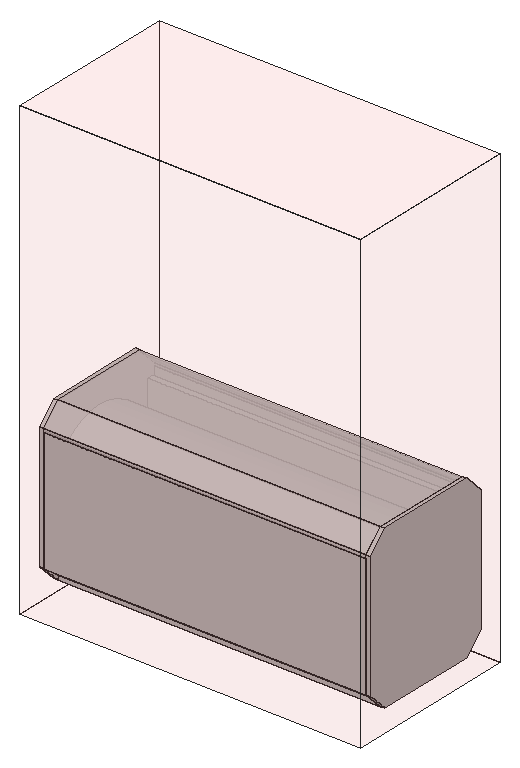
Revit family "Air-Curtain_Insect-Control_PoweredAire_RBT", category Mechanical Equipment, host Face, Revit 2022
Family settings
  Host = Face
  Round Connector Dimension = Use Diameter
  Part Type = Normal
  OmniClass Number = 23.75.35.17.21
  OmniClass Title = Air Curtains
  Cut with Voids When Loaded = No
  Maintain Annotation Orientation = No
  Shared = No
  Room Calculation Point = No
Parameters
  Warranty Duration (Years) = 0
  Unit Width Notes = "Other Widths available."  # constant formula
  Unit Width = 3' - 0"
  Unit Weight = 0
  Unit Height = 1' - 3"
  Unit Depth = 1' - 5 1/2"
  URL = "http://www.poweredaire.com/"
  Test Data = ""
  Standards Conformance = "as Specified"
  Specification = "http://www.arcat.com/sdspecs/htm04/23_34_33pai.htm"
  SpecWizard = ""
  Sound Pressure = "as Specified"
  Sales Information = "http://www.poweredaire.com/contact_us"
  Revision = "R1_2016-08"
  Projection from Host [instance] = 0' - 2"
  Product Properties = ""
  Product Data = "http://www.arcat.com/arcatcos/cos47/arc47623.html"
  Power Rating = 0 W
  Nozzle Width = if(1 = 1, Unit Width - 0' 1", 0' 0")  # 2' - 11"
  Mounting Width = if(1 = 1, Unit Width - 0' 0 15/16", 0' 0")  # 2' - 11 1/16"
  Mounting Height [instance] = 3' - 6"
  Motor RPM = 0
  Motor HP = 0
  Motor Count = 0
  Model = "As Specified"
  Max Height = 0' - 0"
  Manufacturer Website = "http://www.poweredaire.com/"
  Manufacturer Phone - Toll Free = "888-321-2473"
  Manufacturer Phone = "724-588-3305"
  Manufacturer Fax = "724-588-3371"
  Manufacturer Address = "109 Mortensen Rd.  Greenville, PA 16125"
  Manufacturer = "Powered Aire, Inc"
  Maintenance Schedule (Months) = 0
  Keynote = "23 34 33"
  Installation-Fabrication = ""
  Installation Phase = ""
  Include Clearance [instance] = yes
  Heating Element Load = 0 W
  HVAC_Temperature Rise = 0 °F
  HVAC_Outlet Volume = 0 CFM
  HVAC_Outlet Velocity Uniformity = 0
  HVAC_Outlet Velocity = 0 FPM
  Green Building-LEED = "http://www.arcat.com/green/clients/leed_data_47623.html"
  Front Grating Material [instance] = Metal - Steel - PoweredAire - Stainless 304 Perforated
  Frame Finish [instance] = Metal - Steel - PoweredAire - Stainless 304
  Expected Lifespan (Years) = 0
  Electrical_Wattage [instance] = Power Rating + Heating Element Load  # 0 W
  Electrical_Voltage [instance] = 0 V
  Electrical_Phase [instance] = 1
  Electrical_Frequency [instance] = 0 Hz
  Electrical_Amperage [instance] = 0 A
  Drawn By = "Sumex Design, Inc. / Robert S. Weygant, CSI, CDT, SCIP"
  Description = "Powered Aire Air Curtain as Specified"
  Default Elevation = 0' - 0"  # constant formula
  Copyright = "©Arcat Inc."
  Construction Details = "http://www.arcat.com/details/powair/prod3336.html"
  Clearance_Top [instance] = 0' - 2"
  Clearance_Side B [instance] = 0' - 0 1/2"
  Clearance_Side A [instance] = 0' - 0 1/2"
  Clearance_Intake [instance] = 2' - 6"
  Clearance_Bottom [instance] = 0' - 2"
  Clearance Material [instance] = ARCAT Clearance
  Building Codes = ""
  Available Options [instance] = "as Specified"
  Assembly Code = "D3090400"
Reference planes (in)
  plane 1 "Center (Elevation)": y = 0.13818
  plane 2: z = 0
  plane 3 "Center (Left/Right)": x = 0
  plane 4: y = 7.63818
  plane 5: y = -7.36182
  plane 6: x = -18
  plane 7: x = 18
  plane 8: z = 19.5
  plane 9 "FF": y = -41.86182
  plane 10: z = 2
  plane 11: x = 17.5
  plane 12: x = -17.5
  plane 13: y = 9.63818
  plane 14: y = -9.36182
  plane 15: x = -18.5
  plane 16: x = 18.5
  plane 17: z = 49.5
Forms (in)
  Extrusion 1, solid, material "Metal - Steel - PoweredAire - Stainless 304" <- "Frame Finish"
    sketch origin (0, 0, 0) x (0, 1, 0) y (0, 0, 1)
      loop
        line (5.69363, 2) -> (7.63818, 3.94454) -> (7.63818, 17.55546) -> (5.69363, 19.5) -> (-5.41728, 19.5) -> (-7.36182, 17.55546) -> (-7.36182, 3.94454) -> (-5.41728, 2) -> (5.69363, 2)
    from 17.5 to 18
  Extrusion 2, solid, material "Metal - Steel - PoweredAire - Stainless 304" <- "Frame Finish"
    sketch origin (0, 0, -0.5) x (0, 1, 0) y (0, 0, 1)
      loop
        circle (0.13818, 10.9739) r 6.25
      loop
        line (6.63818, 16.89427) -> (6.63818, 5.87829) -> (7.33849, 5.87829) -> (7.33849, 16.89427) -> (6.63818, 16.89427)
      loop
        line (-7.02798, 16.76927) -> (-7.02798, 5.75329) -> (-6.36182, 5.75329) -> (-6.36182, 16.76927) -> (-7.02798, 16.76927)
    from -17.5 to 17.5
  Extrusion 3, solid, material "Metal - Steel - PoweredAire - Stainless 304" <- "Frame Finish"
    sketch origin (0, 0, 0) x (0, 1, 0) y (0, 0, -1)
      loop
        line (5.69363, -2) -> (-5.41728, -2) -> (-7.36182, -3.94454) -> (-7.36182, -17.55546) -> (-5.41728, -19.5) -> (5.69363, -19.5) -> (7.63818, -17.55546) -> (7.63818, -3.94454) -> (5.69363, -2)
    from 17.5 to 18
  Extrusion 4, solid, material "Metal - Steel - PoweredAire - Stainless 304" <- "Frame Finish"
    sketch origin (0, 0, 0) x (0, 1, 0) y (0, 0, 1)
      loop
        line (-5.41728, 2) -> (5.69363, 2) -> (7.63818, 3.94454) -> (7.63818, 17.19454) -> (7.51318, 17.19454) -> (7.51318, 3.99632) -> (5.64186, 2.125) -> (-5.29228, 2.125) -> (-5.29228, 4.06954) -> (-7.23682, 4.06954) -> (-7.23682, 17.19454) -> (-7.36182, 17.19454) -> (-7.36182, 3.94454) -> (-5.41728, 3.94454) -> (-5.41728, 2)
      loop
        line (-6.64819, 3.61034) -> (-5.8702, 2.83235) -> (-5.74472, 2.95783) -> (-6.52271, 3.73583) -> (-6.64819, 3.61034)
    from -17.5 to 17.5
  Extrusion 5, solid, material "Metal - Steel - PoweredAire - Stainless 304 Perforated" <- "Front Grating Material"
    sketch origin (0, 0, 0) x (0, 1, 0) y (0, 0, 1)
      loop
        line (-7.36182, 17.19454) -> (-7.23682, 17.19454) -> (-7.23682, 17.50368) -> (-5.3655, 19.375) -> (5.64186, 19.375) -> (7.51318, 17.50368) -> (7.51318, 17.19454) -> (7.63818, 17.19454) -> (7.63818, 17.55546) -> (5.69363, 19.5) -> (-5.41728, 19.5) -> (-7.36182, 17.55546) -> (-7.36182, 17.19454)
    from -17.5 to 17.5
  Extrusion 6, solid, material "ARCAT Clearance" <- "Clearance Material", visible <- "Include Clearance"
    sketch origin (0, 0, 0) x (0, 1, 0) y (0, 0, 1)
      loop
        line (-9.36182, 49.5) -> (-9.36182, 0) -> (9.63818, 0) -> (9.63818, 49.5) -> (-9.36182, 49.5)
    from -18.5 to 18.5
Dimensions and locks (in)
  equal spacing: plane 4, plane 1 "Center (Elevation)", plane 5
  "Unit Height": plane 4 to plane 5
  equal spacing: plane 6, plane 3 "Center (Left/Right)", plane 7
  "Unit Width": plane 6 to plane 7
  "Mounting Height": plane 1 "Center (Elevation)" to plane 9 "FF"
  "Projection from Host": plane 10 to level
  "Unit Depth": plane 8 to plane 10
  locked: plane 6 to plane 12 at 0.5
  locked: plane 11 to plane 7 at 0.5
  "Clearance_Side A": plane 7 to plane 16
  "Clearance_Side B": plane 15 to plane 6
  "Clearance_Top": plane 13 to plane 4
  "Clearance_Bottom": plane 5 to plane 14
  "Clearance_Intake": plane 17 to plane 8
  aligned and locked: plane 2 to host face
  aligned and locked: level to host face
  aligned and locked: plane 7 to Extrusion 1
  aligned and locked: Extrusion 1 to plane 11
  aligned and locked: plane 12 to Extrusion 3
  aligned and locked: Extrusion 3 to plane 6
  aligned and locked: Extrusion 2 to plane 12
  aligned and locked: plane 11 to Extrusion 2
  aligned and locked: plane 11 to Extrusion 4
  aligned and locked: Extrusion 4 to plane 12
  aligned and locked: plane 11 to Extrusion 5
  aligned and locked: Extrusion 5 to plane 12
  aligned and locked: Extrusion 6 sketch curve to plane 17
  aligned and locked: plane 14 to Extrusion 6 sketch curve
  aligned and locked: level to Extrusion 6 sketch curve
  aligned and locked: Extrusion 6 sketch curve to plane 13
  aligned and locked: plane 16 to Extrusion 6
  aligned and locked: Extrusion 6 to plane 15
Automatic sketch dimensions
  host sketch curve to host sketch curve = 8' - 0"  (x2)
  Extrusion 1 sketch curve to plane 5 = 0' - 0"
  Extrusion 1 sketch curve to plane 8 = 0' - 0"
  Extrusion 1 sketch curve to plane 10 = 0' - 0"
  Extrusion 1 sketch curve to plane 4 = 0' - 0"
  plane 5 to Extrusion 1 sketch curve = 0' - 1.94454"  (x2)
  Extrusion 1 sketch curve to plane 4 = 0' - 1.94454"  (x2)
  plane 10 to Extrusion 1 sketch curve = 0' - 1.94454"  (x2)
  Extrusion 1 sketch curve to plane 8 = 0' - 1.94454"  (x2)
  Extrusion 2 sketch curve to plane 1 "Center (Elevation)" = 0' - 0"
  plane 5 to Extrusion 2 sketch curve = 0' - 1"
  plane 5 to Extrusion 2 sketch curve = 0' - 0.33384"
  Extrusion 2 sketch curve to plane 4 = 0' - 1"
  Extrusion 2 sketch curve to plane 4 = 0' - 0.29969"
  plane 10 to Extrusion 2 sketch curve = 0' - 3.37829"
  plane 10 to Extrusion 2 sketch curve = 0' - 3.25329"
  Extrusion 2 sketch curve to plane 8 = 0' - 9.0261"
  Extrusion 2 sketch curve to plane 8 = 0' - 3.23073"
  Extrusion 2 sketch curve to plane 8 = 0' - 3.10573"
  Extrusion 3 sketch curve to plane 5 = 0' - 0"
  Extrusion 3 sketch curve to plane 8 = 0' - 0"
  Extrusion 3 sketch curve to plane 10 = 0' - 0"
  Extrusion 3 sketch curve to plane 4 = 0' - 0"
  plane 5 to Extrusion 3 sketch curve = 0' - 1.94454"  (x2)
  Extrusion 3 sketch curve to plane 4 = 0' - 1.94454"  (x2)
  Extrusion 3 sketch curve to plane 8 = 0' - 1.94454"  (x2)
  plane 10 to Extrusion 3 sketch curve = 0' - 1.94454"  (x2)
  Extrusion 4 sketch curve to plane 5 = 0' - 0"
  Extrusion 4 sketch curve to plane 10 = 0' - 0"
  Extrusion 4 sketch curve to plane 4 = 0' - 0"
  plane 5 to Extrusion 4 sketch curve = 0' - 0 1/8"
  plane 5 to Extrusion 4 sketch curve = 0' - 0.71363"
  Extrusion 4 sketch curve to Extrusion 4 sketch curve = 0' - 0.12548"  (x2)
  Extrusion 4 sketch curve to Extrusion 4 sketch curve = 0' - 0.778"
  Extrusion 4 sketch curve to Extrusion 4 sketch curve = 0' - 0.32744"
  Extrusion 4 sketch curve to Extrusion 4 sketch curve = 0' - 0 1/8"  (x2)
  plane 10 to Extrusion 4 sketch curve = 0' - 0 1/8"
  Extrusion 4 sketch curve to plane 4 = 0' - 1.99632"
  Extrusion 4 sketch curve to Extrusion 4 sketch curve = 0' - 0.05178"  (x2)
  plane 10 to Extrusion 4 sketch curve = 0' - 0.83235"
  plane 10 to Extrusion 4 sketch curve = 0' - 1.94454"
  Extrusion 4 sketch curve to Extrusion 4 sketch curve = 0' - 0.3342"
  Extrusion 4 sketch curve to plane 4 = 0' - 0 1/8"
  Extrusion 4 sketch curve to plane 8 = 0' - 2.30546"  (x2)
  Extrusion 5 sketch curve to plane 5 = 0' - 0"
  Extrusion 5 sketch curve to plane 8 = 0' - 0"
  Extrusion 5 sketch curve to plane 4 = 0' - 0"
  plane 5 to Extrusion 5 sketch curve = 0' - 0 1/8"
  plane 5 to Extrusion 5 sketch curve = 0' - 1.94454"
  Extrusion 5 sketch curve to plane 8 = 0' - 0 1/8"
  Extrusion 5 sketch curve to Extrusion 5 sketch curve = 0' - 0.05178"  (x4)
  Extrusion 5 sketch curve to plane 4 = 0' - 1.99632"
  Extrusion 5 sketch curve to plane 8 = 0' - 1.94454"  (x2)
  Extrusion 5 sketch curve to Extrusion 5 sketch curve = 0' - 0 1/8"
  Extrusion 5 sketch curve to Extrusion 5 sketch curve = 0' - 0.30914"  (x2)
  radius of Extrusion 2 sketch curve = 0' - 6 1/4"
Connectors (in)
  electrical at (0, 7.63818, 10.56954), driven by "Electrical_Phase", driven by "Electrical_Voltage"
    settings: on Extrusion 4, index 1, voltage 0 V, apparent load 0 VA, apparent load phase1 0 VA, apparent load phase2 0 VA, apparent load phase3 0 VA, power factor 1, load classification "Motor", number of poles 1, system type 31, power factor state 1, is connector primary yes, connector utility no, sub classification motor no, connector description ""
